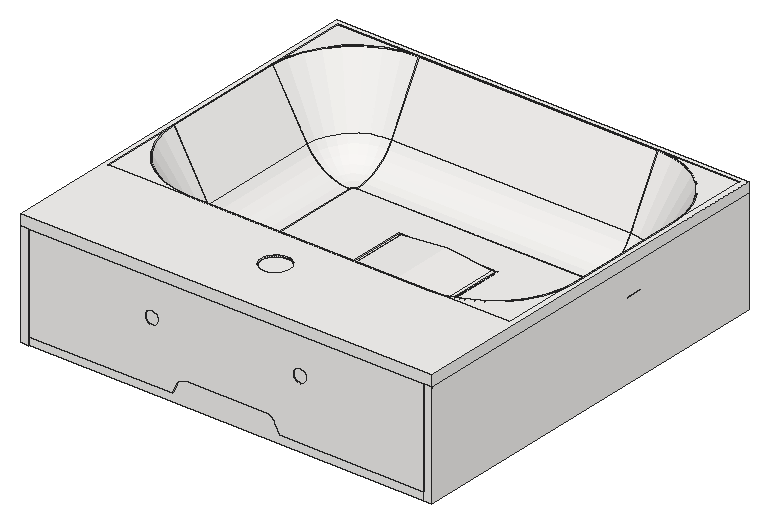
Revit family "Washbasins-hansgrohe-61090XXX-Xevolos E Countertop handrinse basin ground 500_480 with tap hole without overflow, SmartClean", category Plumbing Fixtures, Revit 2019
Family settings
  Round Connector Dimension = Use Diameter
  Part Type = Valve - Breaks Into
  OmniClass Number = 23.31.13.00
  Work Plane-Based = No
  Always vertical = Yes
  Cut with Voids When Loaded = No
  Shared = Yes
  Room Calculation Point = No
Parameters
  X2 = 0
  X1 = 180
  WEIGHT = "13.5"
  UNSPSC = "301815 | Sanitary ware"
  UNIFORMATII = "D2010 | Plumbing Fixtures"
  UNICLASS_2015_CODE = "40_20_96"
  UNICLASS2015 = "Pr_40_20_96 | Wash basins, sinks and troughs"
  TYP = 1
  TAP = 1
  SURFACE = "GLOSSY_WHITE"
  SPECIFICATION = "Surfaces:  - 61090450 White   Specification:  • consists of: countertop handrinse basin ground, waste set, cover  • material: ceramic  • SmartClean: dirt-repellent glaze • degree of gloss: glossy  • sanded basin underside • ceramic cover included • with one tap hole • without overflow • without shelf • non-closing waste set • 500 x 480 mm • type of installation: built on and wall mounted "
  REGION = "Worldwide"
  PRODUCTURL = "https://pro.hansgrohe.com/articledetail--61090450"
  PRODUCTGROUP = "Washbasins"
  PRODUCTFAMILY = "Xevolos E"
  PERMALINK = "61090XXX"
  OMNICLASS = "23-31 13 00 | Sinks"
  OBJECTTYPE = "Object (single object)"
  NN = "Xevolos Washbasin"
  NBSYN = "$BASENUMBER.-$ARTNR.-$SURFACE.-$LODLEVEL."
  NB = "61090-61090450-GLOSSY_WHITE-400"
  NAME = "Xevolos E Countertop handrinse basin ground 500/480 with tap hole without overflow, SmartClean"
  Model = "61090-61090450-GLOSSY_WHITE-400"
  Manufacturer = "Hansgrohe"
  MIdent = "{$CADENAS_DATA/23d-libs/hansgrohe/xevolos_washbasin/xevolos_washbasin.prj},222 {VTYP=3D},{NB=61090-61090450-GLOSSY_WHITE-400},{LINA=61090-61090450-GLOSSY_WHITE-400},{NN=Xevolos Washbasin},{DATE=13.03.2023 11:34:45},{GEOMDATE=13.03.2023 11:34:00},{VERSION=},{LINEID=890},{WBVAR=LODLEVEL},{WBNUMERIC=}  {NB=61090-61090450-GLOSSY_WHITE-400},{LINA=61090-61090450-GLOSSY_WHITE-400},{KT=DUMMY},{IDNR=3},{ARTNR=61090450},{BASENUMBER=61090},{MODEL=61090XXX},{SURFACE=GLOSSY_WHITE},{LODLEVEL=400},{LODLEVELX='400','400','200','200'},{L=500.000},{LI=320.000},{X1=180.000},{X2=0.000},{DO=46.000},{DOT=35.000},{TAP=1},{TYP=1},{NAME=Xevolos E Countertop handrinse basin ground 500/480 with tap hole without overflow, SmartClean},{PERMALINK=61090XXX},{OBJECTTYPE=Object (single object)},{BIMOBJECT=Sanitary: Wash Basins},{PRODUCTFAMILY=Xevolos E},{PRODUCTGROUP=Washbasins},{WEIGHT=13.5},{DESCRIPTION=Xevolos E Countertop handrinse basin ground 500/480 with tap hole without overflow, SmartClean},{SPECIFICATION=Surfaces:  - 61090450 White   Specification:  • consists of: countertop handrinse basin ground, waste set, cover  • material: ceramic  • SmartClean: dirt-repellent glaze • degree of gloss: glossy  • sanded basin underside • ceramic cover included • with one tap hole • without overflow • without shelf • non-closing waste set • 500 x 480 mm • type of installation: built on and wall mounted },{PRODUCTURL=https://pro.hansgrohe.com/articledetail--61090450},{GTINCODE=4059625420898},{IFC=Sanitary Terminal},{ETIM=EC011550 | Washbasin},{UNICLASS2015=Pr_40_20_96 | Wash basins, sinks and troughs},{OMNICLASS=23-31 13 00 | Sinks},{MASTERFORMAT=22 41 16.13 | Residential Lavatories},{UNSPSC=301815 | Sanitary ware},{UNIFORMATII=D2010 | Plumbing Fixtures},{REGION=Worldwide},{DESIGN=Germany},{MANUFACTURER=Germany}"
  MASTERFORMAT = "22 41 16.13 | Residential Lavatories"
  LODLEVEL = "400"
  LINA = "61090-61090450-GLOSSY_WHITE-400"
  LI = 320
  L = 500
  IFC = "Sanitary Terminal"
  GTINCODE = "4059625420898"
  ETIM = "EC011550 | Washbasin"
  DOT = 35
  DO = 46
  DESIGN = "Germany"
  CNSPipeRound/cp_Befestigungsanschluss_V = no
  CNSPipeRound/cp_Ausgang_1_V = no
  CATALOG = "Hansgrohe"
  BIMOBJECT = "Sanitary: Wash Basins"
  BASENUMBER = "61090"
  ARTNR = "61090450"
  61090-61090450-GLOSSY_WHITE-400_RX0RY0RZ0TX0TY0TZ0_V = yes
  61090-61090450-GLOSSY_WHITE-200_RX0RY0RZ0TX0TY0TZ0_V = yes
Types (3, lengths in mm): name | NB | Model | MIdent | LODLEVEL | LINA | 61090-61090450-GLOSSY_WHITE-400_RX0RY0RZ0TX0TY0TZ0_V | 61090-61090450-GLOSSY_WHITE-200_RX0RY0RZ0TX0TY0TZ0_V
  (no name) | "61090-61090450-GLOSSY_WHITE-400" | "61090-61090450-GLOSSY_WHITE-400" | "{$CADENAS_DATA/23d-libs/hansgrohe/xevolos_washbasin/xevolos_washbasin.prj},222 {VTYP=3D},{NB=61090-61090450-GLOSSY_WHITE-400},{LINA=61090-61090450-GLOSSY_WHITE-400},{NN=Xevolos Washbasin},{DATE=13.03.2023 11:34:45},{GEOMDATE=13.03.2023 11:34:00},{VERSION=},{LINEID=890},{WBVAR=LODLEVEL},{WBNUMERIC=}  {NB=61090-61090450-GLOSSY_WHITE-400},{LINA=61090-61090450-GLOSSY_WHITE-400},{KT=DUMMY},{IDNR=3},{ARTNR=61090450},{BASENUMBER=61090},{MODEL=61090XXX},{SURFACE=GLOSSY_WHITE},{LODLEVEL=400},{LODLEVELX='400','400','200','200'},{L=500.000},{LI=320.000},{X1=180.000},{X2=0.000},{DO=46.000},{DOT=35.000},{TAP=1},{TYP=1},{NAME=Xevolos E Countertop handrinse basin ground 500/480 with tap hole without overflow, SmartClean},{PERMALINK=61090XXX},{OBJECTTYPE=Object (single object)},{BIMOBJECT=Sanitary: Wash Basins},{PRODUCTFAMILY=Xevolos E},{PRODUCTGROUP=Washbasins},{WEIGHT=13.5},{DESCRIPTION=Xevolos E Countertop handrinse basin ground 500/480 with tap hole without overflow, SmartClean},{SPECIFICATION=Surfaces:  - 61090450 White   Specification:  • consists of: countertop handrinse basin ground, waste set, cover  • material: ceramic  • SmartClean: dirt-repellent glaze • degree of gloss: glossy  • sanded basin underside • ceramic cover included • with one tap hole • without overflow • without shelf • non-closing waste set • 500 x 480 mm • type of installation: built on and wall mounted },{PRODUCTURL=https://pro.hansgrohe.com/articledetail--61090450},{GTINCODE=4059625420898},{IFC=Sanitary Terminal},{ETIM=EC011550 | Washbasin},{UNICLASS2015=Pr_40_20_96 | Wash basins, sinks and troughs},{OMNICLASS=23-31 13 00 | Sinks},{MASTERFORMAT=22 41 16.13 | Residential Lavatories},{UNSPSC=301815 | Sanitary ware},{UNIFORMATII=D2010 | Plumbing Fixtures},{REGION=Worldwide},{DESIGN=Germany},{MANUFACTURER=Germany}" | "400" | "61090-61090450-GLOSSY_WHITE-400" | yes | yes
  61090-61090450-GLOSSY_WHITE-200 | "61090-61090450-GLOSSY_WHITE-200" | "61090-61090450-GLOSSY_WHITE-200" | "{$CADENAS_DATA/23d-libs/hansgrohe/xevolos_washbasin/xevolos_washbasin.prj},222 {VTYP=3D},{NB=61090-61090450-GLOSSY_WHITE-200},{LINA=61090-61090450-GLOSSY_WHITE-200},{NN=Xevolos Washbasin},{DATE=13.03.2023 11:34:45},{GEOMDATE=13.03.2023 11:34:00},{VERSION=},{LINEID=890},{WBVAR=LODLEVEL},{WBNUMERIC=}  {NB=61090-61090450-GLOSSY_WHITE-200},{LINA=61090-61090450-GLOSSY_WHITE-200},{KT=DUMMY},{IDNR=3},{ARTNR=61090450},{BASENUMBER=61090},{MODEL=61090XXX},{SURFACE=GLOSSY_WHITE},{LODLEVEL=200},{LODLEVELX='400','400','200','200'},{L=500.000},{LI=320.000},{X1=180.000},{X2=0.000},{DO=46.000},{DOT=35.000},{TAP=1},{TYP=1},{NAME=Xevolos E Countertop handrinse basin ground 500/480 with tap hole without overflow, SmartClean},{PERMALINK=61090XXX},{OBJECTTYPE=Object (single object)},{BIMOBJECT=Sanitary: Wash Basins},{PRODUCTFAMILY=Xevolos E},{PRODUCTGROUP=Washbasins},{WEIGHT=13.5},{DESCRIPTION=Xevolos E Countertop handrinse basin ground 500/480 with tap hole without overflow, SmartClean},{SPECIFICATION=Surfaces:  - 61090450 White   Specification:  • consists of: countertop handrinse basin ground, waste set, cover  • material: ceramic  • SmartClean: dirt-repellent glaze • degree of gloss: glossy  • sanded basin underside • ceramic cover included • with one tap hole • without overflow • without shelf • non-closing waste set • 500 x 480 mm • type of installation: built on and wall mounted },{PRODUCTURL=https://pro.hansgrohe.com/articledetail--61090450},{GTINCODE=4059625420898},{IFC=Sanitary Terminal},{ETIM=EC011550 | Washbasin},{UNICLASS2015=Pr_40_20_96 | Wash basins, sinks and troughs},{OMNICLASS=23-31 13 00 | Sinks},{MASTERFORMAT=22 41 16.13 | Residential Lavatories},{UNSPSC=301815 | Sanitary ware},{UNIFORMATII=D2010 | Plumbing Fixtures},{REGION=Worldwide},{DESIGN=Germany},{MANUFACTURER=Germany}" | "200" | "61090-61090450-GLOSSY_WHITE-200" | no | yes
  61090-61090450-GLOSSY_WHITE-400 | "61090-61090450-GLOSSY_WHITE-400" | "61090-61090450-GLOSSY_WHITE-400" | "{$CADENAS_DATA/23d-libs/hansgrohe/xevolos_washbasin/xevolos_washbasin.prj},222 {VTYP=3D},{NB=61090-61090450-GLOSSY_WHITE-400},{LINA=61090-61090450-GLOSSY_WHITE-400},{NN=Xevolos Washbasin},{DATE=13.03.2023 11:34:45},{GEOMDATE=13.03.2023 11:34:00},{VERSION=},{LINEID=890},{WBVAR=LODLEVEL},{WBNUMERIC=}  {NB=61090-61090450-GLOSSY_WHITE-400},{LINA=61090-61090450-GLOSSY_WHITE-400},{KT=DUMMY},{IDNR=3},{ARTNR=61090450},{BASENUMBER=61090},{MODEL=61090XXX},{SURFACE=GLOSSY_WHITE},{LODLEVEL=400},{LODLEVELX='400','400','200','200'},{L=500.000},{LI=320.000},{X1=180.000},{X2=0.000},{DO=46.000},{DOT=35.000},{TAP=1},{TYP=1},{NAME=Xevolos E Countertop handrinse basin ground 500/480 with tap hole without overflow, SmartClean},{PERMALINK=61090XXX},{OBJECTTYPE=Object (single object)},{BIMOBJECT=Sanitary: Wash Basins},{PRODUCTFAMILY=Xevolos E},{PRODUCTGROUP=Washbasins},{WEIGHT=13.5},{DESCRIPTION=Xevolos E Countertop handrinse basin ground 500/480 with tap hole without overflow, SmartClean},{SPECIFICATION=Surfaces:  - 61090450 White   Specification:  • consists of: countertop handrinse basin ground, waste set, cover  • material: ceramic  • SmartClean: dirt-repellent glaze • degree of gloss: glossy  • sanded basin underside • ceramic cover included • with one tap hole • without overflow • without shelf • non-closing waste set • 500 x 480 mm • type of installation: built on and wall mounted },{PRODUCTURL=https://pro.hansgrohe.com/articledetail--61090450},{GTINCODE=4059625420898},{IFC=Sanitary Terminal},{ETIM=EC011550 | Washbasin},{UNICLASS2015=Pr_40_20_96 | Wash basins, sinks and troughs},{OMNICLASS=23-31 13 00 | Sinks},{MASTERFORMAT=22 41 16.13 | Residential Lavatories},{UNSPSC=301815 | Sanitary ware},{UNIFORMATII=D2010 | Plumbing Fixtures},{REGION=Worldwide},{DESIGN=Germany},{MANUFACTURER=Germany}" | "400" | "61090-61090450-GLOSSY_WHITE-400" | yes | no
Reference planes
  plane 1 "Center (Front/Back)": y = 0
  plane 2: z = 0
  plane 3 "Center (Left/Right)": x = 0
Dimensions and locks
  aligned and locked: level to plane 2
Nested families
  nested 1: "61090-61090450-glossy_white-200_content" at (0, 0, 0), visible <- "61090-61090450-GLOSSY_WHITE-200_RX0RY0RZ0TX0TY0TZ0_V", ContentVisible <- "61090-61090450-GLOSSY_WHITE-200_RX0RY0RZ0TX0TY0TZ0_V", type "61090-61090450-GLOSSY_WHITE-200_Content"
    with ContentVisible yes
  nested 2: "61090-61090450-glossy_white-400_content" at (0, 0, 0), visible <- "61090-61090450-GLOSSY_WHITE-400_RX0RY0RZ0TX0TY0TZ0_V", ContentVisible <- "61090-61090450-GLOSSY_WHITE-400_RX0RY0RZ0TX0TY0TZ0_V", type "61090-61090450-GLOSSY_WHITE-400_Content"
    with ContentVisible yes
  nested 3: "ConnectorHost2019" at (0, -220, 0), visible <- "CNSPipeRound/cp_Ausgang_1_V", type "ConnectorHost2019"
    with Visible no, TransZ 0 mm, TransY 220 mm, TransX 0 mm, ScaleZ 1 mm, ScaleY 1 mm, ScaleX 1 mm, RotZ 180.00°, RotY 360.00°, RotX 180.00°
  nested 4: "ConnectorHost2019" at (-1, -220, 0), visible <- "CNSPipeRound/cp_Befestigungsanschluss_V", type "ConnectorHost2019"
    with Visible no, TransZ 147 mm, TransY 0 mm, TransX 1 mm, ScaleZ 1 mm, ScaleY 1 mm, ScaleX 1 mm, RotZ 180.00°, RotY 360.00°, RotX 360.00°
Connectors
  piping at (0, 0, 0), diameter 46
    settings: on nested 3, index 1, connector inside diameter 609.6 mm, connector length 0 mm, flow factor 0, pipe flow 0.0 L/s, pressure drop 0.0 Pa, fitting loss kfactor 0, connector angle 0.00°, fixture units 0, engagement length 0 mm, angle of deflection 0.00°, flow configuration 0, flow direction 2, fitting loss method 0, system type 29, joint type 0, gender type 0, connector reference index -1, connector utility 0, adjustable connector no, is connector primary yes, connector description ""
  piping at (0, -220, 147), diameter 35
    settings: on nested 4, index 2, connector inside diameter 609.6 mm, connector length 0 mm, flow factor 0, pipe flow 0.0 L/s, pressure drop 0.0 Pa, fitting loss kfactor 0, connector angle 0.00°, fixture units 0, engagement length 0 mm, angle of deflection 0.00°, flow configuration 0, flow direction 2, fitting loss method 0, system type 29, joint type 0, gender type 0, connector reference index -1, connector utility 0, adjustable connector no, is connector primary no, connector description ""
Definition of nested family "61090-61090450-glossy_white-200_content"
  Parameters (values of type "61090-61090450-GLOSSY_WHITE-200_Content")
    X2 = 0
    X1 = 180
    WEIGHT = "13.5"
    UNSPSC = "301815 | Sanitary ware"
    UNIFORMATII = "D2010 | Plumbing Fixtures"
    UNICLASS_2015_CODE = "40_20_96"
    UNICLASS2015 = "Pr_40_20_96 | Wash basins, sinks and troughs"
    TYP = 1
    TAP = 1
    SURFACE = "GLOSSY_WHITE"
    SPECIFICATION = "Surfaces:  - 61090450 White   Specification:  • consists of: countertop handrinse basin ground, waste set, cover  • material: ceramic  • SmartClean: dirt-repellent glaze • degree of gloss: glossy  • sanded basin underside • ceramic cover included • with one tap hole • without overflow • without shelf • non-closing waste set • 500 x 480 mm • type of installation: built on and wall mounted "
    REGION = "Worldwide"
    PRODUCTURL = "https://pro.hansgrohe.com/articledetail--61090450"
    PRODUCTGROUP = "Washbasins"
    PRODUCTFAMILY = "Xevolos E"
    PERMALINK = "61090XXX"
    OMNICLASS = "23-31 13 00 | Sinks"
    OBJECTTYPE = "Object (single object)"
    NN = "Xevolos Washbasin"
    NBSYN = "$BASENUMBER.-$ARTNR.-$SURFACE.-$LODLEVEL."
    NB = "61090-61090450-GLOSSY_WHITE-200"
    NAME = "Xevolos E Countertop handrinse basin ground 500/480 with tap hole without overflow, SmartClean"
    Model = "61090-61090450-GLOSSY_WHITE-200"
    Manufacturer = "Hansgrohe"
    MASTERFORMAT = "22 41 16.13 | Residential Lavatories"
    LODLEVEL = "200"
    LINA = "61090-61090450-GLOSSY_WHITE-200"
    LI = 320
    L = 500
    IFC = "Sanitary Terminal"
    GTINCODE = "4059625420898"
    ETIM = "EC011550 | Washbasin"
    Default Elevation = 1219.2 mm
    DOT = 35
    DO = 46
    DESIGN = "Germany"
    ContentVisible [instance] = yes
    CATALOG = "Hansgrohe"
    BIMOBJECT = "Sanitary: Wash Basins"
    BASENUMBER = "61090"
    ARTNR = "61090450"
  Reference planes
    plane 1 "Center (Front/Back)": y = 0
    plane 2: z = 0
    plane 3 "Center (Left/Right)": x = 0
  Forms (mm)
    Extrusion 1, solid, visible <- "ContentVisible", detail levels medium+fine
      sketch origin (0, -295, 147) x (-1, 0, 0) y (0, -1, 0)
        loop
          line (-250, -480) -> (250, -480) -> (250, 0) -> (-250, 0) -> (-250, -480)
      from -140 to 0
    Extrusion 2, void, detail levels medium+fine
      sketch origin (0, -295, 147) x (-1, 0, 0) y (0, -1, 0)
        loop
          line (-244, -126) -> (-244, -474) -> (244, -474) -> (244, -126) -> (-244, -126)
      from -102.5 to 0
    Extrusion 3, void, detail levels medium+fine
      sketch origin (0, -295, 147) x (-1, 0, 0) y (0, -1, 0)
        loop
          circle (0, -75) r 17.5
      from -1.5 to 1.5
    Extrusion 4, solid, visible <- "ContentVisible", detail levels medium+fine
      sketch origin (0, -295, 7) x (-1, 0, 0) y (0, -1, 0)
        loop
          circle (0, -295) r 34
      from -10 to 0
    Extrusion 5, solid, visible <- "ContentVisible", detail levels coarse
      sketch origin (0, -55, -3) x (1, 0, 0) y (0, 1, 0)
        loop
          line (-250, -240) -> (250, -240) -> (250, 240) -> (-250, 240) -> (-250, -240)
      from 0 to 150
  Cuts and joins
    Extrusion 2, Extrusion 3 cuts Extrusion 1
  Dimensions and locks
    aligned and locked: level to plane 2
Definition of nested family "61090-61090450-glossy_white-400_content"
  Parameters (values of type "61090-61090450-GLOSSY_WHITE-400_Content")
    X2 = 0
    X1 = 180
    WEIGHT = "13.5"
    UNSPSC = "301815 | Sanitary ware"
    UNIFORMATII = "D2010 | Plumbing Fixtures"
    UNICLASS_2015_CODE = "40_20_96"
    UNICLASS2015 = "Pr_40_20_96 | Wash basins, sinks and troughs"
    TYP = 1
    TAP = 1
    SURFACE = "GLOSSY_WHITE"
    SPECIFICATION = "Surfaces:  - 61090450 White   Specification:  • consists of: countertop handrinse basin ground, waste set, cover  • material: ceramic  • SmartClean: dirt-repellent glaze • degree of gloss: glossy  • sanded basin underside • ceramic cover included • with one tap hole • without overflow • without shelf • non-closing waste set • 500 x 480 mm • type of installation: built on and wall mounted "
    REGION = "Worldwide"
    PRODUCTURL = "https://pro.hansgrohe.com/articledetail--61090450"
    PRODUCTGROUP = "Washbasins"
    PRODUCTFAMILY = "Xevolos E"
    PERMALINK = "61090XXX"
    OMNICLASS = "23-31 13 00 | Sinks"
    OBJECTTYPE = "Object (single object)"
    NN = "Xevolos Washbasin"
    NBSYN = "$BASENUMBER.-$ARTNR.-$SURFACE.-$LODLEVEL."
    NB = "61090-61090450-GLOSSY_WHITE-400"
    NAME = "Xevolos E Countertop handrinse basin ground 500/480 with tap hole without overflow, SmartClean"
    Model = "61090-61090450-GLOSSY_WHITE-400"
    Manufacturer = "Hansgrohe"
    MASTERFORMAT = "22 41 16.13 | Residential Lavatories"
    LODLEVEL = "400"
    LINA = "61090-61090450-GLOSSY_WHITE-400"
    LI = 320
    L = 500
    IFC = "Sanitary Terminal"
    GTINCODE = "4059625420898"
    ETIM = "EC011550 | Washbasin"
    Default Elevation = 1219.2 mm
    DOT = 35
    DO = 46
    DESIGN = "Germany"
    ContentVisible [instance] = yes
    CATALOG = "Hansgrohe"
    BIMOBJECT = "Sanitary: Wash Basins"
    BASENUMBER = "61090"
    ARTNR = "61090450"
  Reference planes
    plane 1 "Center (Front/Back)": y = 0
    plane 2: z = 0
    plane 3 "Center (Left/Right)": x = 0
  Forms (mm)
    Extrusion 1, solid, visible <- "ContentVisible", detail levels medium+fine
      sketch origin (0, -295, 7) x (0, 0, -1) y (0, -1, 0)
        loop
          line (-140, -474) -> (-121, -474) -> (-62.906, -440.46)
          arc (-62.906, -440.46) -> (-37.353, -414.906) -> (-28, -380) r 69.813
          line (-28, -380) -> (-37.5, -380)
          arc (-37.5, -380) -> (-45.58, -410.156) -> (-67.656, -432.232) r 60.313
          line (-67.656, -432.232) -> (-140, -474)
      from -145 to 145
    Revolve 2, solid, visible <- "ContentVisible", detail levels medium+fine
      sketch origin (-145, -295, 7) x (0, 0, -1) y (0, -1, 0)
        loop
          line (-140, -474) -> (-121, -474) -> (-62.906, -440.46)
          arc (-62.906, -440.46) -> (-37.353, -414.906) -> (-28, -380) r 69.813
          line (-28, -380) -> (-37.5, -380)
          arc (-37.5, -380) -> (-45.58, -410.156) -> (-67.656, -432.232) r 60.313
          line (-67.656, -432.232) -> (-140, -474)
        axis (-140, -375) -> (-28, -375)
      angle from -90 to 0
    Extrusion 3, solid, visible <- "ContentVisible", detail levels medium+fine
      sketch origin (0, -70, 7) x (-1, 0, 0) y (0, 0, -1)
        loop
          line (150, -28) -> (150, -37.5)
          arc (150, -37.5) -> (180.156, -45.58) -> (202.232, -67.656) r 60.313
          line (202.232, -67.656) -> (244, -140) -> (244, -121) -> (210.46, -62.906)
          arc (210.46, -62.906) -> (184.906, -37.353) -> (150, -28) r 69.813
      from -150 to 0
    Revolve 4, solid, visible <- "ContentVisible", detail levels medium+fine
      sketch origin (-145, -295, 7) x (0, 0, -1) y (0, -1, 0)
        loop
          line (-140, -126) -> (-67.656, -167.768)
          arc (-67.656, -167.768) -> (-45.58, -189.844) -> (-37.5, -220) r 60.313
          line (-37.5, -220) -> (-28, -220)
          arc (-28, -220) -> (-37.353, -185.094) -> (-62.906, -159.54) r 69.813
          line (-62.906, -159.54) -> (-121, -126) -> (-140, -126)
        axis (-28, -225) -> (-140, -225)
      angle from -90 to 0
    Extrusion 5, solid, visible <- "ContentVisible", detail levels medium+fine
      sketch origin (0, -295, 7) x (0, 0, -1) y (0, -1, 0)
        loop
          line (-140, -126) -> (-67.656, -167.768)
          arc (-67.656, -167.768) -> (-45.58, -189.844) -> (-37.5, -220) r 60.313
          line (-37.5, -220) -> (-28, -220)
          arc (-28, -220) -> (-37.353, -185.094) -> (-62.906, -159.54) r 69.813
          line (-62.906, -159.54) -> (-121, -126) -> (-140, -126)
      from -145 to 145
    Revolve 6, solid, visible <- "ContentVisible", detail levels medium+fine
      sketch origin (145, -295, 7) x (0, 0, -1) y (0, -1, 0)
        loop
          line (-140, -126) -> (-67.656, -167.768)
          arc (-67.656, -167.768) -> (-45.58, -189.844) -> (-37.5, -220) r 60.313
          line (-37.5, -220) -> (-28, -220)
          arc (-28, -220) -> (-37.353, -185.094) -> (-62.906, -159.54) r 69.813
          line (-62.906, -159.54) -> (-121, -126) -> (-140, -126)
        axis (-28, -225) -> (-140, -225)
      angle from 0 to 90
    Extrusion 7, solid, visible <- "ContentVisible", detail levels medium+fine
      sketch origin (0, -70, 7) x (-1, 0, 0) y (0, 0, -1)
        loop
          line (-244, -121) -> (-244, -140) -> (-202.232, -67.656)
          arc (-202.232, -67.656) -> (-180.156, -45.58) -> (-150, -37.5) r 60.313
          line (-150, -37.5) -> (-150, -28)
          arc (-150, -28) -> (-184.906, -37.353) -> (-210.46, -62.906) r 69.813
          line (-210.46, -62.906) -> (-244, -121)
      from -150 to 0
    Revolve 8, solid, visible <- "ContentVisible", detail levels medium+fine
      sketch origin (145, -295, 7) x (0, 0, -1) y (0, -1, 0)
        loop
          line (-140, -474) -> (-121, -474) -> (-62.906, -440.46)
          arc (-62.906, -440.46) -> (-37.353, -414.906) -> (-28, -380) r 69.813
          line (-28, -380) -> (-37.5, -380)
          arc (-37.5, -380) -> (-45.58, -410.156) -> (-67.656, -432.232) r 60.313
          line (-67.656, -432.232) -> (-140, -474)
        axis (-140, -375) -> (-28, -375)
      angle from 0 to 90
    Extrusion 9, solid, visible <- "ContentVisible", detail levels medium+fine
      sketch origin (0, -295, 35) x (-1, 0, 0) y (0, -1, 0)
        loop
          line (-150, -225) -> (-150, -375)
          arc (-150, -375) -> (-148.536, -378.536) -> (-145, -380) r 5
          line (-145, -380) -> (145, -380)
          arc (145, -380) -> (148.536, -378.536) -> (150, -375) r 5
          line (150, -375) -> (150, -225)
          arc (150, -225) -> (148.536, -221.464) -> (145, -220) r 5
          line (145, -220) -> (-145, -220)
          arc (-145, -220) -> (-148.536, -221.464) -> (-150, -225) r 5
        loop
          line (-60, -252.5) -> (-60, -337.5) -> (60, -337.5) -> (60, -252.5) -> (-60, -252.5)
      from 0 to 9.5
    Extrusion 10, solid, visible <- "ContentVisible", detail levels medium+fine
      sketch origin (0, -295, 147) x (-1, 0, 0) y (0, -1, 0)
        loop
          line (-250, -480) -> (250, -480) -> (250, 0) -> (-250, 0) -> (-250, -480)
        loop
          line (-244, -226) -> (-244, -374)
          arc (-244, -374) -> (-214.711, -444.711) -> (-144, -474) r 100
          line (-144, -474) -> (144, -474)
          arc (144, -474) -> (214.711, -444.711) -> (244, -374) r 100
          line (244, -374) -> (244, -226)
          arc (244, -226) -> (214.711, -155.289) -> (144, -126) r 100
          line (144, -126) -> (-144, -126)
          arc (-144, -126) -> (-214.711, -155.289) -> (-244, -226) r 100
      from -13 to 0
    Extrusion 11, solid, visible <- "ContentVisible", detail levels medium+fine
      sketch origin (0, -295, 134) x (-1, 0, 0) y (0, -1, 0)
        loop
          line (-250, -480) -> (250, -480) -> (250, 0) -> (240, 0) -> (240, -470) -> (-240, -470) -> (-240, 0) -> (-250, 0) -> (-250, -480)
      from -127 to 0
    Extrusion 12, solid, visible <- "ContentVisible", detail levels medium+fine
      sketch origin (0, -295, 17) x (-1, 0, 0) y (0, -1, 0)
        loop
          line (-240, -35) -> (-240, -470) -> (240, -470) -> (240, -35) -> (200, -35) -> (200, -380)
          arc (200, -380) -> (185.355, -415.355) -> (150, -430) r 50
          line (150, -430) -> (-150, -430)
          arc (-150, -430) -> (-185.355, -415.355) -> (-200, -380) r 50
          line (-200, -380) -> (-200, -35) -> (-240, -35)
      from 0 to 50
    Extrusion 13, solid, visible <- "ContentVisible", detail levels medium+fine
      sketch origin (0, -295, 7) x (-1, 0, 0) y (0, 0, -1)
        loop
          line (-240, -10) -> (-240, -127) -> (240, -127) -> (240, -10) -> (65, -10) -> (59.568, -21.649)
          arc (59.568, -21.649) -> (55.509, -26.277) -> (49.599, -28) r 11
          line (49.599, -28) -> (-49.599, -28)
          arc (-49.599, -28) -> (-55.509, -26.277) -> (-59.568, -21.649) r 11
          line (-59.568, -21.649) -> (-65, -10) -> (-240, -10)
      from -35 to 0
    Extrusion 14, solid, visible <- "ContentVisible", detail levels medium+fine
      sketch origin (-160, -295, 7) x (0, 0, -1) y (0, -1, 0)
        loop
          line (-127, -35) -> (-127, -127.732) -> (-65.156, -163.437)
          arc (-65.156, -163.437) -> (-41.25, -187.344) -> (-32.5, -220) r 65.313
          line (-32.5, -220) -> (-32.5, -380)
          arc (-32.5, -380) -> (-39.303, -409.023) -> (-58.294, -432) r 65.313
          line (-58.294, -432) -> (-30.544, -432) -> (-10, -40) -> (-10, -35) -> (-127, -35)
      from 0 to 50
    Extrusion 15, solid, visible <- "ContentVisible", detail levels medium+fine
      sketch origin (160, -295, 7) x (0, 0, -1) y (0, -1, 0)
        loop
          line (-127, -35) -> (-127, -127.732) -> (-65.156, -163.437)
          arc (-65.156, -163.437) -> (-41.25, -187.344) -> (-32.5, -220) r 65.313
          line (-32.5, -220) -> (-32.5, -380)
          arc (-32.5, -380) -> (-39.303, -409.023) -> (-58.294, -432) r 65.313
          line (-58.294, -432) -> (-30.544, -432) -> (-10, -40) -> (-10, -35) -> (-127, -35)
      from -50 to 0
    Extrusion 16, solid, visible <- "ContentVisible", detail levels medium+fine
      sketch origin (0, -295, 17) x (-1, 0, 0) y (0, -1, 0)
        loop
          line (-72, -261.5) -> (-72, -328.5)
          arc (-72, -328.5) -> (-65.703, -343.703) -> (-50.5, -350) r 21.5
          line (-50.5, -350) -> (50.5, -350)
          arc (50.5, -350) -> (65.703, -343.703) -> (72, -328.5) r 21.5
          line (72, -328.5) -> (72, -261.5)
          arc (72, -261.5) -> (65.703, -246.297) -> (50.5, -240) r 21.5
          line (50.5, -240) -> (-50.5, -240)
          arc (-50.5, -240) -> (-65.703, -246.297) -> (-72, -261.5) r 21.5
      from 0 to 18
    Revolve 17, solid, visible <- "ContentVisible", detail levels medium+fine
      sketch origin (0, 0, 7) x (-1, 0, 0) y (0, 0, -1)
        loop
          line (23, -4.5) -> (42.5, -27.441) -> (42.5, -10) -> (34, 0) -> (34, 7) -> (23, 7) -> (23, -4.5)
        axis (0, -27.441) -> (0, 7)
      angle from -360 to 0
    Extrusion 18, solid, visible <- "ContentVisible", detail levels medium+fine
      sketch origin (0, -295, -3) x (-1, 0, 0) y (0, -1, 0)
        loop
          circle (0, -295) r 7.5
      from 0 to 41
    Extrusion 19, solid, visible <- "ContentVisible", detail levels medium+fine
      sketch origin (0, -295, 38) x (-1, 0, 0) y (0, -1, 0)
        loop
          circle (0, -295) r 32.5
      from 0 to 2
    Extrusion 20, solid, visible <- "ContentVisible", detail levels medium+fine
      sketch origin (0, 0, 7) x (-1, 0, 0) y (0, 0, -1)
        loop
          arc (-54.85, -33) -> (-57.5, -35.65) -> (-54.85, -38.3) r 2.65
          arc (-54.85, -38.3) -> (0, -43.036) -> (54.85, -38.3) r 320
          arc (54.85, -38.3) -> (57.5, -35.65) -> (54.85, -33) r 2.65
          line (54.85, -33) -> (-54.85, -33)
      from -40 to 40
    Extrusion 21, void, detail levels medium+fine
      sketch origin (0, -295, 133) x (-1, 0, 0) y (0, -1, 0)
        loop
          circle (0, -75) r 17.5
      from 0 to 15
    Extrusion 22, void, detail levels medium+fine
      sketch origin (0, -295, 7) x (-1, 0, 0) y (0, 0, -1)
        loop
          circle (90, -83) r 8
      from -30 to 30
    Extrusion 23, void, detail levels medium+fine
      sketch origin (0, -295, 7) x (-1, 0, 0) y (0, 0, -1)
        loop
          circle (-90, -83) r 8
      from -30 to 30
    Extrusion 24, solid, visible <- "ContentVisible", detail levels coarse
      sketch origin (0, -55, -3) x (1, 0, 0) y (0, 1, 0)
        loop
          line (-250, -240) -> (250, -240) -> (250, 240) -> (-250, 240) -> (-250, -240)
      from 0 to 150
  Cuts and joins
    Extrusion 21, Extrusion 22, Extrusion 23 cuts Extrusion 1
    Extrusion 21, Extrusion 22, Extrusion 23 cuts Revolve 2
    Extrusion 21, Extrusion 22, Extrusion 23 cuts Extrusion 3
    Extrusion 21, Extrusion 22, Extrusion 23 cuts Revolve 4
    Extrusion 21, Extrusion 22, Extrusion 23 cuts Extrusion 5
    Extrusion 21, Extrusion 22, Extrusion 23 cuts Revolve 6
    Extrusion 21, Extrusion 22, Extrusion 23 cuts Extrusion 7
    Extrusion 21, Extrusion 22, Extrusion 23 cuts Revolve 8
    Extrusion 21, Extrusion 22, Extrusion 23 cuts Extrusion 9
    Extrusion 21, Extrusion 22, Extrusion 23 cuts Extrusion 10
    Extrusion 21, Extrusion 22, Extrusion 23 cuts Extrusion 11
    Extrusion 21, Extrusion 22, Extrusion 23 cuts Extrusion 12
    Extrusion 21, Extrusion 22, Extrusion 23 cuts Extrusion 13
    Extrusion 21, Extrusion 22, Extrusion 23 cuts Extrusion 14
    Extrusion 21, Extrusion 22, Extrusion 23 cuts Extrusion 15
    Extrusion 21, Extrusion 22, Extrusion 23 cuts Extrusion 16
    Extrusion 21, Extrusion 22, Extrusion 23 cuts Revolve 17
    Extrusion 21, Extrusion 22, Extrusion 23 cuts Extrusion 18
    Extrusion 21, Extrusion 22, Extrusion 23 cuts Extrusion 19
    Extrusion 21, Extrusion 22, Extrusion 23 cuts Extrusion 20
  Dimensions and locks
    aligned and locked: level to plane 2
